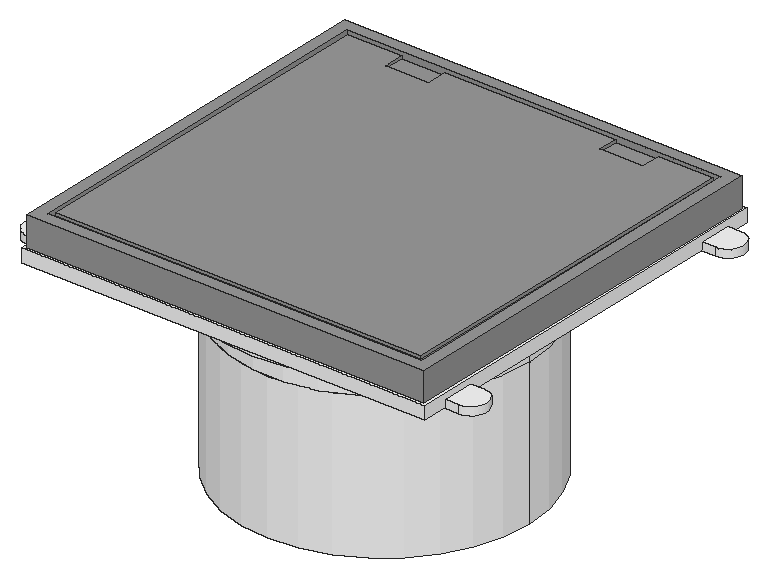
Revit family "HL_Лючок-прочистка_HL98", category Příslušenství trubek, Revit 2016
Family settings
  Typ součásti = Normální
  Kóta kulaté spojky = Použít průměr
  Číslo OmniClass = 23.70.50.00
  Nadpis OmniClass = Liquid Waste Handling Services
  Založené na pracovní rovině = Ne
  Vždy vertikální = Ano
  Ořezat dutým tvarem při načtení = Ne
  Sdílené = Ne
Parameters (values of type "HL98")
  РАЗМЕР = "DN110"
  ПРОПУСКНАЯ СПОСОБНОСТЬ = 0.0 m³/h
  ПРАВОВАЯ ИНФОРМАЦИЯ = "\"Авторские права(©), права на дизайн или какие либо другие права интелектуальной собственности являются исключительной собственностью компании HL Hutterer & Lechner. Изменению не подлежит. Файл семейства с данными о прозводителе изделия защищен паролем с водяным знаком.\""
  НОМИНАЛЬНЫЙ ДИАМЕТР = 110 mm
  МАТЕРИАЛ = "PP/Edelstahl V2A"
  МАКСИМАЛЬНАЯ НАГРУЗКА КЛАССА = "L 15 - max. 1,5 t"
  ВЕС = "0,838 kg"
  Výrobce = "HL Hutterer & Lechner GmbH"
  URL = "http://www.hutterer-lechner.com/ru/products/catalog/roof-drains/HL98.aspx"
  Description = "Лючок-прочистка DN110"
  Model = "HL98"
  материал 2 = Stainless Steel
  материал = Plactic - White
  Type Comments = "Лючок-прочистка DN110"
  Keynote = "HL98"
  EAN = "9003076701988"
  Cena = 0
Reference planes
  plane 1 "Střed (vpředu/vzadu)": y = 0
  plane 2: z = 0
  plane 3 "Střed (vlevo/vpravo)": x = 0
  plane 4: z = -11
  plane 5: z = -13
  plane 6: z = -16
  plane 7: z = -27
  plane 8: z = -37.2
  plane 9: z = -92
Forms (mm)
  Extrusion 1, solid, material "Stainless Steel" <- "материал 2", detail levels fine
    sketch origin (0, 0, 0) x (1, 0, 0) y (0, 1, 0)
      loop
        line (-75.25, 75.25) -> (-75.25, -75.25) -> (75.25, -75.25) -> (75.25, 75.25) -> (-75.25, 75.25)
      loop
        line (70.842, -70.842) -> (70.842, 70.842) -> (-70.842, 70.842) -> (-70.842, -70.842) -> (70.842, -70.842)
    from 0 to -11
  Extrusion 2, solid, material "Plactic - White" <- "материал", detail levels fine
    sketch origin (75.25, -1524, -11) x (0, -1, 0) y (-1, 0, 0)
      loop
        line (-1600.25, -1) -> (-1447.75, -1) -> (-1447.75, 151.5) -> (-1600.25, 151.5) -> (-1600.25, -1)
    from 0 to 5
  Extrusion 3, solid, material "Stainless Steel" <- "материал 2", detail levels fine
    sketch origin (0, 0, 0) x (1, 0, 0) y (0, 1, 0)
      loop
        line (-69, 69) -> (-69, -69) -> (69, -69) -> (69, 69) -> (48.7, 69) -> (48.7, 61.5) -> (32.3, 61.5) -> (32.3, 69) -> (-32.3, 69) -> (-32.3, 61.5) -> (-48.7, 61.5) -> (-48.7, 69) -> (-69, 69)
    from 0 to -1
  Extrusion 4, solid, material "Plactic - White" <- "материал", detail levels fine
    sketch origin (87.5, -1524, -16) x (0, -1, 0) y (-1, 0, 0)
      loop
        circle (-1524, 87.5) r 62.5
    from 0 to 11
  Extrusion 5, solid, material "Plactic - White" <- "материал", detail levels fine
    sketch origin (52.5, -1524, -37.2) x (0, -1, 0) y (-1, 0, 0)
      loop
        circle (-1524, 52.5) r 55
    from 0 to -10.2
  Extrusion 6, solid, material "Plactic - White" <- "материал", detail levels fine
    sketch origin (52.5, -1524, -37.2) x (0, -1, 0) y (-1, 0, 0)
      loop
        circle (-1524, 52.5) r 55
      loop
        circle (-1524, 52.5) r 52.5
    from 0 to 54.8
  Extrusion 7, solid, material "Plactic - White" <- "материал", detail levels fine
    sketch origin (87.5, -1524, -16) x (0, -1, 0) y (-1, 0, 0)
      loop
        line (-1590.75, 11.25) -> (-1590.75, 6)
        arc (-1590.75, 6) -> (-1584.75, 0) -> (-1578.75, 6) r 6
        line (-1578.75, 6) -> (-1578.75, 11.25) -> (-1590.75, 11.25)
      loop
        line (-1469.25, 11.25) -> (-1469.25, 6)
        arc (-1469.25, 6) -> (-1463.25, 0) -> (-1457.25, 6) r 6
        line (-1457.25, 6) -> (-1457.25, 11.25) -> (-1469.25, 11.25)
      loop
        line (-1590.75, 163.75) -> (-1578.75, 163.75) -> (-1578.75, 169)
        arc (-1578.75, 169) -> (-1584.75, 175) -> (-1590.75, 169) r 6
        line (-1590.75, 169) -> (-1590.75, 163.75)
      loop
        line (-1469.25, 163.75) -> (-1457.25, 163.75) -> (-1457.25, 169)
        arc (-1457.25, 169) -> (-1463.25, 175) -> (-1469.25, 169) r 6
        line (-1469.25, 169) -> (-1469.25, 163.75)
    from 0 to -3
  Extrusion 8, solid, material "Stainless Steel" <- "материал 2", detail levels fine
    sketch origin (75.25, -1524, -11) x (0, -1, 0) y (-1, 0, 0)
      loop
        line (-1593, 144.25) -> (-1593, 6.25) -> (-1455, 6.25) -> (-1455, 144.25) -> (-1593, 144.25)
    from 0 to -10
Cuts and joins
  joined: Extrusion 5, Extrusion 6
Lines and regions (mm)
  reference lines
    curve 1: line (0, 0, 180.2) -> (0, 0, -54.8)
    curve 7: line (0, 0, 0) -> (0, 0, -92)
  model lines, detail levels coarse+medium
    curve 2: line (76.25, 76.25, 0) -> (-75.25, 76.25, 0)
    curve 3: line (76.25, -75.25, 0) -> (76.25, 76.25, 0)
    curve 4: line (-75.25, -75.25, 0) -> (76.25, -75.25, 0)
    curve 5: line (-75.25, 76.25, 0) -> (-75.25, -75.25, 0)
    curve 6: line (0, 0, -37.2) -> (0, 0, 0)
Dimensions and locks
  aligned and locked: level to plane 2
Connectors
  piping at (0, 0, -92), diameter 110, driven by "НОМИНАЛЬНЫЙ ДИАМЕТР", driven by "ПРОПУСКНАЯ СПОСОБНОСТЬ"
    settings: on curve 7, index 1, connector inside diameter 609.6 mm, connector length 0 mm, flow factor 0, pipe flow 0.0 m³/h, pressure drop 0.0 Pa, fitting loss kfactor 0, connector angle 0.00°, fixture units 0, engagement length 0 mm, angle of deflection 0.00°, flow configuration 0, flow direction 0, fitting loss method 0, system type 29, joint type 0, gender type 0, connector reference index -1, connector utility 0, adjustable connector no, is connector primary yes, connector description ""
